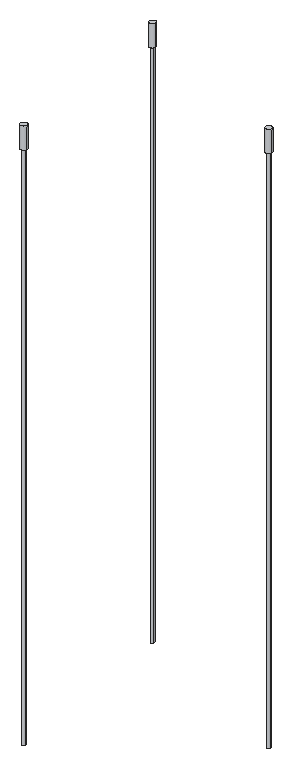
Revit family "BuzziPleat - Suspended - No Light", category Lighting Fixtures, host Ceiling, Revit 2018
Family settings
  Host = Ceiling
  Round Connector Dimension = Use Diameter
  Part Type = Normal
  OmniClass Number = 23.80.70.11
  OmniClass Title = Luminaries for Internal Lighting
  Always vertical = Yes
  Cut with Voids When Loaded = No
  Light Source = No
  Shared = No
  Room Calculation Point = No
Parameters (values of type "BuzziPleat Edel 150cm")
  Wires = none
  Symbol = 2' - 5 135/256"
  BuzziPleat Edel 100cm = no
  BuzziPleat Edel 150cm = yes
  Drop From Ceiling = 3' - 0"
  BuzziPleat Ripple Shade = none
  BuzziPleat Ripple 150cm = no
  BuzziPleat Ripple 100cm = no
Types (5): name | Wires | Symbol | BuzziPleat Edel 100cm | BuzziPleat Edel 150cm | Drop From Ceiling | BuzziPleat Ripple 150cm | BuzziPleat Ripple 100cm
  (no name) | none | 2' - 5 135/256" | no | yes | 2' - 3.38844" | no | no
  BuzziPleat Edel 150cm | none | 2' - 5 135/256" | no | yes | 3' - 0" | no | no
  BuzziPleat Edel 100cm | Default | 1' - 7.68504" | yes | no | 3' - 0" | no | no
  BuzziPleat Ripple 100cm | none | 1' - 7.68504" | no | no | 3' - 0" | no | yes
  BuzziPleat Ripple 150cm | none | 2' - 5 135/256" | no | no | 3' - 0" | yes | no
Reference planes (in)
  plane 1 "Light Source Axis (F/B)": y = 0
  plane 2 "Ceiling": z = 96
  plane 3 "Light Source Axis (L/R)": x = 0
  plane 4 "Light Source Elevation": z = 60
  plane 5: z = 60
  plane 6: z = 62
  plane 7: z = 94.71909
Forms (in)
  Extrusion 1, solid, material <- "Wires"
    sketch origin (0, 0, 0) x (1, 0, 0) y (0, 1, 0)
      loop
        circle (-4.1021, 5.3805) r 0.09375
      loop
        circle (6.6926, 0.79801) r 0.09282
      loop
        circle (-2.67246, -6.25907) r 0.09375
    from 62 to 94.71909
  Extrusion 2, solid, material <- "Wires"
    sketch origin (0, 0, 0) x (1, 0, 0) y (0, 1, 0)
      loop
        circle (-4.1021, 5.3805) r 0.181
      loop
        circle (6.6926, 0.79801) r 0.1819
      loop
        circle (-2.67246, -6.25907) r 0.18704
    from 94.71909 to 96
Cuts and joins
  joined: Extrusion 1, Extrusion 2
Lines and regions (in)
  symbolic lines
    curve 1: circle (0, 0, 96) r 29.52734 normal (0, 0, 1)
Dimensions and locks (in)
  equal spacing: host sketch curve, plane 3 "Light Source Axis (L/R)", host sketch curve
  equal spacing: host sketch curve, plane 1 "Light Source Axis (F/B)", host sketch curve
  host sketch curve to host sketch curve = 10' - 0"  (x2)
  "Drop From Ceiling": plane 2 "Ceiling" to plane 5
  locked: plane 6 to plane 5 at 2
  "Symbol": radius of curve 1
  aligned and locked: plane 6 to nested 2
  aligned and locked: plane 6 to Extrusion 1
  aligned and locked: host ceiling to Extrusion 2
  aligned and locked: plane 7 to Extrusion 1
  aligned and locked: plane 7 to Extrusion 2
  aligned and locked: plane 5 to nested 1
  aligned and locked: plane 4 "Light Source Elevation" to plane 5
Automatic sketch dimensions
  Extrusion 1 sketch curve to plane 3 "Light Source Axis (L/R)" = 0' - 4.1021"
  Extrusion 1 sketch curve to plane 3 "Light Source Axis (L/R)" = 0' - 2.67246"
  Extrusion 1 sketch curve to plane 1 "Light Source Axis (F/B)" = 0' - 0.79801"
  plane 3 "Light Source Axis (L/R)" to Extrusion 1 sketch curve = 0' - 6.6926"
  plane 1 "Light Source Axis (F/B)" to Extrusion 1 sketch curve = 0' - 6.25907"
  Extrusion 1 sketch curve to plane 1 "Light Source Axis (F/B)" = 0' - 5.3805"
  plane 1 "Light Source Axis (F/B)" to curve 1 = 0' - 0"
  curve 1 to plane 3 "Light Source Axis (L/R)" = 0' - 0"
  Extrusion 2 sketch curve to plane 3 "Light Source Axis (L/R)" = 0' - 4.1021"
  Extrusion 2 sketch curve to plane 3 "Light Source Axis (L/R)" = 0' - 2.67246"
  Extrusion 2 sketch curve to plane 1 "Light Source Axis (F/B)" = 0' - 0.79801"
  plane 3 "Light Source Axis (L/R)" to Extrusion 2 sketch curve = 0' - 6.6926"
  plane 1 "Light Source Axis (F/B)" to Extrusion 2 sketch curve = 0' - 6.25907"
  Extrusion 2 sketch curve to plane 1 "Light Source Axis (F/B)" = 0' - 5.3805"
  radius of Extrusion 1 sketch curve = 0' - 0 3/32"  (x2)
  radius of Extrusion 1 sketch curve = 0' - 0.09282"
  radius of Extrusion 2 sketch curve = 0' - 0.181"
  radius of Extrusion 2 sketch curve = 0' - 0.1819"
  radius of Extrusion 2 sketch curve = 0' - 0.18704"
Nested families (in)
  nested 1: "BuzziPleat Imports" at (0, 0, 60), type "BuzziPleat Imports"
  nested 2: "BuzziPleat" at (0, 0, 58.49872), type "150cm"
Definition of nested family "BuzziPleat Imports"
  Parameters (values of type "BuzziPleat Imports")
    150cm = no
    100cm = no
  Reference planes (in)
    plane 1 "Center (Front/Back)": y = 0
    plane 2: z = 0
    plane 3 "Center (Left/Right)": x = 0
    plane 4: z = -4.74191
    plane 5: z = 2
  Dimensions and locks (in)
    aligned and locked: plane 2 to level
